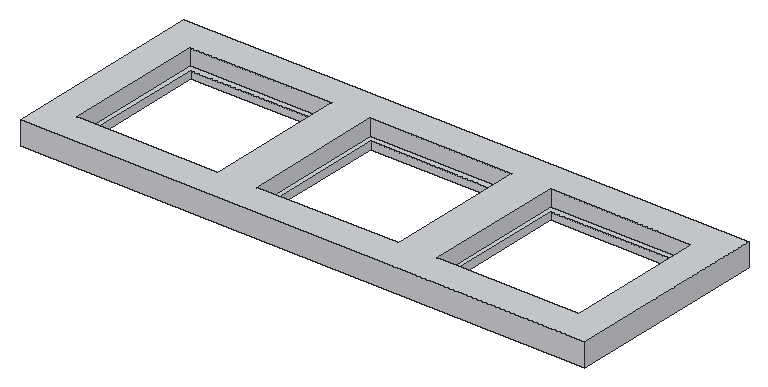
Revit family "Gira_021309", category Electrical Fixtures, host Face, Revit 2017
Family settings
  Host = Face
  Maintain Annotation Orientation = No
  Round Connector Dimension = Use Diameter
  Part Type = Normal
  Cut with Voids When Loaded = No
  Shared = No
  Room Calculation Point = No
Parameters (values of type "Cov.fr. 3-g Gira E2 black m")
  URL = "http://katalog.gira.de/en/datenblatt.html?artikelnr=021309"
  Transparent = "No"
  Name = "Cov.fr. 3-g Gira E2 black m"
  Manufacturer URL = "https://www.gira.de/"
  Manufacturer = "Gira"
  Label space/information surface = "No"
  Keynote = ""
  HeinzeBIM = "https://bimportal.heinze.de/bim/cov-fr-3-g-gira-e2-black-m/e9a1ac672cc1372179cb5821fe48a08c2bbbb5ab"
  HAN = "021309"
  GTIN = "4010337036821"
  Description = "Cov.fr.3g E2 BKm,Gira E2 cover frame,black matt,3-gang,Features:,- Shatter-proof.,,Notes :,- Also suitable for duct installation.,- In connection with the seal kit, frame (1-gang to 5-gang) is also suitable for installation as water-protected flush-mounted IP44."
  Default Elevation = 1219.2 mm
  Data sheet (1) = "https://katalog.gira.de/en/download.html?artikelnr=021309"
  Category = "Cover frame for domestic switching devices"
  BIM (1) = "https://media.stage.bim.site/public/gira/36a6b08/E2_Rahmen_3fach.rfa"
  Available = "No"
Reference planes
  plane 1 "Center (Front/Back)": y = 0
  plane 2: z = 0
  plane 3 "Center (Left/Right)": x = 0
Forms (mm)
  Extrusion 1, solid, detail levels fine
    sketch origin (0, 0, 0) x (1, 0, 0) y (0, 1, 0)
      loop
        line (111.7, 40.4) -> (-111.7, 40.4) -> (-111.7, -40.4) -> (111.7, -40.4) -> (111.7, 40.4)
      loop
        line (43.248, 28.052) -> (43.248, -28.052) -> (99.352, -28.052) -> (99.352, 28.052) -> (43.248, 28.052)
      loop
        line (-28.052, 28.052) -> (-28.052, -28.052) -> (28.052, -28.052) -> (28.052, 28.052) -> (-28.052, 28.052)
      loop
        line (-99.352, 28.052) -> (-99.352, -28.052) -> (-43.248, -28.052) -> (-43.248, 28.052) -> (-99.352, 28.052)
    from 0 to 9.3
  Extrusion 2, solid, detail levels fine
    sketch origin (-71.2, 0, 0) x (1, 0, 0) y (0, 1, 0)
      loop
        line (-28.152, -28.152) -> (28.152, -28.152) -> (28.152, 28.152) -> (-28.152, 28.152) -> (-28.152, -28.152)
      loop
        line (25.9, -25.7) -> (25.9, 25.7) -> (-25.9, 25.7) -> (-25.9, -25.7) -> (25.9, -25.7)
    from 0 to 3
  Extrusion 3, solid, detail levels coarse+medium
    sketch origin (0, 0, 0) x (1, 0, 0) y (0, 1, 0)
      loop
        line (111.7, 40.4) -> (-111.7, 40.4) -> (-111.7, -40.4) -> (111.7, -40.4) -> (111.7, 40.4)
    from 0 to 9.3
  Extrusion 4, solid, detail levels fine
    sketch origin (0.1, -0.047, 0) x (1, 0, 0) y (0, 1, 0)
      loop
        line (-28.152, -28.106) -> (28.152, -28.106) -> (28.152, 28.199) -> (-28.152, 28.199) -> (-28.152, -28.106)
      loop
        line (25.9, -25.653) -> (25.9, 25.747) -> (-25.9, 25.747) -> (-25.9, -25.653) -> (25.9, -25.653)
    from 0 to 3
  Extrusion 5, solid, detail levels fine
    sketch origin (71.2, -0.047, 0) x (1, 0, 0) y (0, 1, 0)
      loop
        line (-27.952, -28.006) -> (28.152, -28.006) -> (28.152, 28.099) -> (-27.952, 28.099) -> (-27.952, -28.006)
      loop
        line (26, -25.653) -> (26, 25.747) -> (-25.9, 25.747) -> (-25.9, -25.653) -> (26, -25.653)
    from 0 to 3
Dimensions and locks
  aligned and locked: plane 2 to host face
  aligned and locked: level to host face
